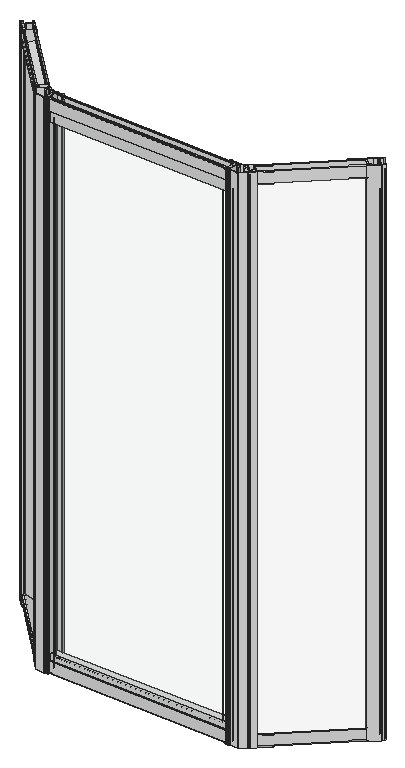
Revit family "Shower-Shower_Door-STERLING-Intrigue-SP2270A", category Specialty Equipment, host Face, Revit 2015 (continued)
Definition of nested family "SP2270A"
  Lines and regions (in)
    Masking region 1
      outline origin (0, 0, 0) x (1, 0, 0) y (0, 1, 0)
        loop
          line (-12.69292, 1.60745) -> (-12.72541, 1.60745) -> (-12.763, 1.63253) -> (-12.71491, 1.63253)
          arc (-12.71491, 1.63253) -> (-12.70027, 1.6386) -> (-12.69421, 1.65323) r 0.0207
          line (-12.69421, 1.65323) -> (-12.69421, 1.68732)
          arc (-12.69421, 1.68732) -> (-12.70013, 1.70161) -> (-12.71443, 1.70753) r 0.02022
          line (-12.71443, 1.70753) -> (-12.9722, 1.70753)
          arc (-12.9722, 1.70753) -> (-13.34922, 1.78253) -> (-13.66884, 1.99609) r 0.9852
          line (-13.66884, 1.99609) -> (-13.84788, 2.17513)
          spline (-13.84788, 2.17513) -> (-13.85171, 2.17715) -> (-13.85709, 2.17723) -> (-13.86364, 2.17536) -> (-13.87093, 2.17167) -> (-13.87846, 2.1664) -> (-13.88571, 2.15993) -> (-13.89219, 2.15268) -> (-13.89745, 2.14515) -> (-13.90114, 2.13786) -> (-13.90302, 2.13131) -> (-13.90294, 2.12593) -> (-13.90091, 2.1221)
          line (-13.90091, 2.1221) -> (-13.88889, 2.07189) -> (-14.34471, 2.52772)
          arc (-14.34471, 2.52772) -> (-14.35955, 2.54116) -> (-14.36517, 2.56037) r 0.03686
          arc (-14.36517, 2.56037) -> (-14.36827, 2.57538) -> (-14.37681, 2.5881) r 0.03974
          arc (-14.37681, 2.5881) -> (-14.39138, 2.59454) -> (-14.40649, 2.58949) r 0.02207
          line (-14.40649, 2.58949) -> (-14.437, 2.55899) -> (-23.01703, 11.13902) -> (-22.98653, 11.16953)
          arc (-22.98653, 11.16953) -> (-22.98148, 11.18464) -> (-22.98792, 11.19921) r 0.02207
          arc (-22.98792, 11.19921) -> (-23.00064, 11.20775) -> (-23.01565, 11.21085) r 0.03974
          arc (-23.01565, 11.21085) -> (-23.03486, 11.21647) -> (-23.04831, 11.23131) r 0.03686
          line (-23.04831, 11.23131) -> (-24.10897, 12.29197)
          arc (-24.10897, 12.29197) -> (-24.14941, 12.29834) -> (-24.1679, 12.2618) r 0.03478
          line (-24.1679, 12.2618) -> (-24.45518, 12.54965)
          arc (-24.45518, 12.54965) -> (-24.46105, 12.56504) -> (-24.45355, 12.57971) r 0.02027
          spline (-24.45355, 12.57971) -> (-24.45099, 12.58322) -> (-24.44955, 12.58745) -> (-24.44934, 12.5921) -> (-24.45037, 12.59686) -> (-24.45257, 12.6014) -> (-24.45579, 12.60541) -> (-24.4598, 12.60863) -> (-24.46434, 12.61083) -> (-24.4691, 12.61185) -> (-24.47375, 12.61164) -> (-24.47797, 12.61021) -> (-24.48149, 12.60765)
          line (-24.48149, 12.60765) -> (-24.51248, 12.57666)
          arc (-24.51248, 12.57666) -> (-24.52097, 12.55616) -> (-24.51248, 12.53567) r 0.02898
          line (-24.51248, 12.53567) -> (-24.1769, 12.20009)
          arc (-24.1769, 12.20009) -> (-24.17062, 12.18493) -> (-24.1769, 12.16977) r 0.02144
          line (-24.1769, 12.16977) -> (-25.12051, 11.22616)
          arc (-25.12051, 11.22616) -> (-25.13755, 11.21911) -> (-25.15458, 11.22616) r 0.02409
          line (-25.15458, 11.22616) -> (-25.41233, 11.48391)
          arc (-25.41233, 11.48391) -> (-25.42006, 11.50258) -> (-25.41233, 11.52124) r 0.0264
          line (-25.41233, 11.52124) -> (-25.29998, 11.63359)
          arc (-25.29998, 11.63359) -> (-25.30409, 11.67241) -> (-25.34119, 11.66026) r 0.0251
          line (-25.34119, 11.66026) -> (-25.4566, 11.54486) -> (-25.4855, 11.57181)
          arc (-25.4855, 11.57181) -> (-25.50181, 11.57807) -> (-25.51789, 11.57124) r 0.02332
          line (-25.51789, 11.57124) -> (-25.54413, 11.545)
    Masking region 2
      outline origin (0, 0, 0) x (1, 0, 0) y (0, 0, 1)
        loop
          line (-25.54413, 0) -> (25.54413, 0) -> (25.54413, 72) -> (-25.54413, 72) -> (-25.54413, 0)
    Masking region 3
      outline origin (0, 0, 0) x (0, 1, 0) y (0, 0, 1)
        loop
          line (12.61341, 72) -> (0, 72) -> (0, 0) -> (12.61341, 0) -> (12.61341, 72)
    symbolic lines, detail levels medium+fine
      curve 1: line (0, 1.81245, 0) -> (0, 1.81245, 72)
      curve 2: line (0, 0.41613, 72) -> (0, 0.41613, 0)
      curve 3: line (0, 1.39628, 72) -> (0, 1.39628, 0)
      curve 4: line (0, 12.19728, 72) -> (0, 12.19728, 0)
      curve 5: line (0, 11.21713, 72) -> (0, 11.21713, 0)
      curve 6: line (0, 10.80096, 0) -> (0, 10.80096, 72)
      curve 7: line (0, 1.81245, 70.8) -> (0, 10.80096, 70.8)
      curve 8: line (0, 10.80096, 70.4375) -> (0, 1.81245, 70.4375)
      curve 9: line (0, 1.81245, 70.92836) -> (0, 10.80096, 70.92836)
      curve 10: line (0, 1.81245, 1.2) -> (0, 10.80096, 1.2)
      curve 11: line (0, 10.80096, 1.5625) -> (0, 1.81245, 1.5625)
      curve 12: line (0, 1.81245, 1.07164) -> (0, 10.80096, 1.07164)
      curve 13: line (-23.8886, 0, 72) -> (-23.8886, 0, 0)
      curve 14: line (-25.18939, 0, 0) -> (-25.18939, 0, 72)
      curve 15: line (-23.8886, 0, 1.56205) -> (-15.55501, 0, 1.56205)
      curve 16: line (-23.8886, 0, 70.4375) -> (-15.55501, 0, 70.4375)
      curve 17: line (-23.8886, 0, 70.8125) -> (-15.55501, 0, 70.8125)
      curve 18: line (-23.8886, 0, 70.9371) -> (-15.55501, 0, 70.9371)
      curve 19: line (-23.8886, 0, 1.5625) -> (-15.55501, 0, 1.5625)
      curve 20: line (-23.8886, 0, 1.1875) -> (-15.55501, 0, 1.1875)
      curve 21: line (-23.8886, 0, 1.0629) -> (-15.55501, 0, 1.0629)
      curve 22: line (-15.55501, 0, 72) -> (-15.55501, 0, 0)
      curve 23: line (-12.37933, 0, 72) -> (-12.37933, 0, 0)
      curve 24: line (-14.90312, 0, 72) -> (-14.90312, 0, 0)
      curve 25: line (-14.12733, 0, 72) -> (-14.12733, 0, 0)
      curve 26: line (-12.933, 0, 0) -> (-12.933, 0, 72)
      curve 27: line (-12.37933, 0, 70.4375) -> (12.37848, 0, 70.4375)
      curve 28: line (-12.37933, 0, 70.8125) -> (12.37848, 0, 70.8125)
      curve 29: line (-12.37933, 0, 70.9371) -> (12.37848, 0, 70.9371)
      curve 30: line (-12.37933, 0, 1.5625) -> (12.37848, 0, 1.5625)
      curve 31: line (-12.37933, 0, 1.1875) -> (12.37848, 0, 1.1875)
      curve 32: line (-12.37933, 0, 1.0629) -> (12.37848, 0, 1.0629)
      curve 33: line (12.37848, 0, 0.00453) -> (12.37848, 0, 72)
      curve 34: line (12.933, 0, 72) -> (12.933, 0, 0)
      curve 35: line (14.12733, 0, 0) -> (14.12733, 0, 72)
      curve 36: line (14.90312, 0, 0) -> (14.90312, 0, 72)
      curve 37: line (15.55501, 0, 0) -> (15.55501, 0, 72)
      curve 38: line (23.8886, 0, 72) -> (23.8886, 0, 0)
      curve 39: line (23.8886, 0, 1.56205) -> (15.55501, 0, 1.56205)
      curve 40: line (23.8886, 0, 70.4375) -> (15.55501, 0, 70.4375)
      curve 41: line (23.8886, 0, 70.8125) -> (15.55501, 0, 70.8125)
      curve 42: line (23.8886, 0, 70.9371) -> (15.55501, 0, 70.9371)
      curve 43: line (23.8886, 0, 1.5625) -> (15.55501, 0, 1.5625)
      curve 44: line (23.8886, 0, 1.1875) -> (15.55501, 0, 1.1875)
      curve 45: line (23.8886, 0, 1.0629) -> (15.55501, 0, 1.0629)
      curve 46: line (-10.62152, 0, 69.6875) -> (11.87848, 0, 69.6875)
      curve 47: line (11.87848, 0, 70.4375) -> (11.87848, 0, 1.5625)
      curve 48: line (-10.62152, 0, 70.4375) -> (-10.62152, 0, 1.5625)
      curve 49: line (-11.56683, 0, 70.4375) -> (-11.56683, 0, 1.5625)
      curve 50: line (-24.24335, 0, 0) -> (-24.24335, 0, 72)
      curve 51: line (25.18939, 0, 0) -> (25.18939, 0, 72)
      curve 52: line (24.24335, 0, 0) -> (24.24335, 0, 72)
      curve 53: line (-10.62152, 0, 2.3125) -> (11.87848, 0, 2.3125)
      curve 54: line (-25.08481, 11.19115, 0) -> (-24.88962, 11.38634, 0)
      curve 55: arc (-24.88962, 11.38634, 0) -> (-24.87506, 11.39352, 0) -> (-24.85913, 11.39035, 0) r 0.02526
      curve 56: line (-24.85913, 11.39035, 0) -> (-24.74538, 11.32468, 0)
      curve 57: line (-24.74644, 11.35543, 0) -> (-24.81868, 11.42766, 0)
      curve 58: arc (-24.81868, 11.42766, 0) -> (-24.82481, 11.44247, 0) -> (-24.81868, 11.45728, 0) r 0.02094
      curve 59: line (-24.81868, 11.45728, 0) -> (-24.14119, 12.13478, 0)
      curve 60: arc (-24.71554, 11.35543, 0) -> (-24.73099, 11.34902, 0) -> (-24.74644, 11.35543, 0) r 0.02186
      curve 61: line (-24.6788, 11.39216, 0) -> (-24.71554, 11.35543, 0)
      curve 62: arc (-24.6633, 11.37911, 0) -> (-24.66394, 11.39408, 0) -> (-24.6788, 11.39216, 0) r 0.01017
      curve 63: line (-24.71354, 11.32887, 0) -> (-24.6633, 11.37911, 0)
      curve 64: arc (-24.74538, 11.32468, 0) -> (-24.72874, 11.32137, 0) -> (-24.71354, 11.32887, 0) r 0.02638
      curve 65: arc (-25.08481, 11.15639, 0) -> (-25.09201, 11.17377, 0) -> (-25.08481, 11.19115, 0) r 0.02458
      curve 66: line (-24.6956, 10.76718, 0) -> (-25.08481, 11.15639, 0)
      curve 67: arc (-24.73096, 10.73183, 0) -> (-24.6956, 10.73183, 0) -> (-24.6956, 10.76718, 0) r 0.025
      curve 68: line (-25.21338, 11.21426, 0) -> (-24.73096, 10.73183, 0)
      curve 69: arc (-24.14119, 12.13478, 0) -> (-24.12638, 12.14091, 0) -> (-24.11158, 12.13478, 0) r 0.02093
      curve 70: line (-24.11158, 12.13478, 0) -> (-24.03803, 12.06123, 0)
      curve 71: arc (-24.03803, 12.06123, 0) -> (-24.03216, 12.04705, 0) -> (-24.03803, 12.03287, 0) r 0.02005
      curve 72: line (-24.03803, 12.03287, 0) -> (-24.07689, 11.99402, 0)
      curve 73: arc (-24.07689, 11.99402, 0) -> (-24.07689, 11.97987, 0) -> (-24.06274, 11.97987, 0) r 0.01
      curve 74: line (-24.06274, 11.97987, 0) -> (-24.02407, 12.01855, 0)
      curve 75: arc (-24.02407, 12.01855, 0) -> (-24.00971, 12.02449, 0) -> (-23.99535, 12.01855, 0) r 0.02031
      curve 76: line (-23.99535, 12.01855, 0) -> (-23.7198, 11.74299, 0)
      curve 77: arc (-23.7198, 11.74299, 0) -> (-23.68444, 11.74299, 0) -> (-23.68444, 11.77835, 0) r 0.025
      curve 78: line (-23.68444, 11.77835, 0) -> (-24.16796, 12.26187, 0)
      curve 79: line (-24.73096, 10.73183, 0) -> (-24.44034, 10.44121, 0)
      curve 80: line (-24.19743, 10.68412, 0) -> (-24.44034, 10.44121, 0)
      curve 81: arc (-24.07514, 10.68412, 0) -> (-24.13628, 10.70945, 0) -> (-24.19743, 10.68412, 0) r 0.08647
      curve 82: line (-23.86405, 10.47303, 0) -> (-24.07514, 10.68412, 0)
      curve 83: line (-24.40155, 10.40222, 0) -> (-24.13628, 10.66748, 0)
      curve 84: line (-24.13628, 10.66748, 0) -> (-23.85344, 10.38464, 0)
      curve 85: line (-23.13926, 11.19781, 0) -> (-23.86405, 10.47303, 0)
      curve 86: line (-24.40155, 10.40222, 0) -> (-24.29939, 10.30006, 0)
      curve 87: line (-24.25881, 10.34063, 0) -> (-24.30282, 10.29662, 0)
      curve 88: line (-24.07813, 10.15995, 0) -> (-24.25881, 10.34063, 0)
      curve 89: line (-24.11871, 10.11937, 0) -> (-23.07248, 11.1656, 0)
      curve 90: arc (-23.13926, 11.23317, 0) -> (-23.13194, 11.21549, 0) -> (-23.13926, 11.19781, 0) r 0.025
      curve 91: line (-23.68444, 11.77835, 0) -> (-23.13926, 11.23317, 0)
      curve 92: arc (-23.07248, 11.1656, 0) -> (-23.05821, 11.17151, 0) -> (-23.04394, 11.1656, 0) r 0.02018
      curve 93: line (-23.04394, 11.1656, 0) -> (-23.0172, 11.13886, 0)
      curve 94: line (-24.11871, 10.11937, 0) -> (-24.06764, 10.06831, 0)
      curve 95: line (-15.15473, 1.75924, 0) -> (-23.81679, 10.42129, 0)
      curve 96: line (-23.8886, 10.34948, 0) -> (-15.22654, 1.68742, 0)
      curve 97: line (-15.32766, 1.5863, 0) -> (-23.98972, 10.24836, 0)
      curve 98: line (-15.39551, 1.51845, 0) -> (-24.05757, 10.18051, 0)
      curve 99: line (-15.41546, 1.4985, 0) -> (-24.07752, 10.16056, 0)
      curve 100: line (-14.71234, 2.20162, 0) -> (-23.3744, 10.86368, 0)
      curve 101: line (-23.30258, 10.9355, 0) -> (-14.64053, 2.27344, 0)
      curve 102: line (-14.53941, 2.37456, 0) -> (-23.20147, 11.03661, 0)
      curve 103: line (-14.47156, 2.4424, 0) -> (-23.13362, 11.10446, 0)
      curve 104: line (-14.45161, 2.46235, 0) -> (-23.11367, 11.12441, 0)
      curve 105: line (-14.41042, 2.50354, 0) -> (-15.41546, 1.4985, 0)
      curve 106: line (-15.23539, 1.31721, 0) -> (-15.41546, 1.4985, 0)
      curve 107: line (-15.27596, 1.27663, 0) -> (-15.23539, 1.31721, 0)
      curve 108: line (-15.1738, 1.17447, 0) -> (-15.27596, 1.27663, 0)
      curve 109: line (-14.90854, 1.43974, 0) -> (-15.1738, 1.17447, 0)
      curve 110: line (-15.19138, 1.72258, 0) -> (-14.90854, 1.43974, 0)
      curve 111: line (-15.10794, 1.70703, 0) -> (-14.37467, 2.4403, 0)
      curve 112: line (-14.88586, 1.48495, 0) -> (-15.10794, 1.70703, 0)
      curve 113: arc (-14.88586, 1.39453, 0) -> (-14.86714, 1.43974, 0) -> (-14.88586, 1.48495, 0) r 0.06393
      curve 114: line (-15.1386, 1.1418, 0) -> (-14.88586, 1.39453, 0)
      curve 115: arc (-15.1386, 1.10411, 0) -> (-15.1464, 1.12296, 0) -> (-15.1386, 1.1418, 0) r 0.02664
      curve 116: line (-15.01553, 0.98105, 0) -> (-15.1386, 1.10411, 0)
      curve 117: arc (-14.37467, 2.4403, 0) -> (-14.357, 2.44762, 0) -> (-14.33932, 2.4403, 0) r 0.025
      curve 118: line (-14.33932, 2.4403, 0) -> (-13.9497, 2.05068, 0)
      curve 119: spline (-13.9497, 2.05068, 0) -> (-13.94577, 2.04815, 0) -> (-13.94071, 2.04718, 0) -> (-13.93486, 2.04785, 0) -> (-13.92863, 2.05012, 0) -> (-13.92244, 2.05381, 0) -> (-13.91671, 2.0587, 0) -> (-13.91182, 2.06443, 0) -> (-13.90813, 2.07062, 0) -> (-13.90586, 2.07685, 0) -> (-13.90519, 2.0827, 0) -> (-13.90616, 2.08776, 0) -> (-13.90869, 2.09169, 0)
      curve 120: arc (-14.41042, 2.53208, 0) -> (-14.40451, 2.51781, 0) -> (-14.41042, 2.50354, 0) r 0.02018
      curve 121: line (-14.437, 2.55899, 0) -> (-14.41026, 2.53225, 0)
      curve 122: arc (-14.97973, 0.98105, 0) -> (-14.99763, 0.97363, 0) -> (-15.01553, 0.98105, 0) r 0.02531
      curve 123: line (-14.93824, 1.02255, 0) -> (-14.97973, 0.98105, 0)
      curve 124: spline (-14.89874, 0.98305, 0) -> (-14.89632, 0.98682, 0) -> (-14.89541, 0.99167, 0) -> (-14.89607, 0.99728, 0) -> (-14.89827, 1.00327, 0) -> (-14.90183, 1.00923, 0) -> (-14.90654, 1.01475, 0) -> (-14.91206, 1.01945, 0) -> (-14.91801, 1.02302, 0) -> (-14.924, 1.02521, 0) -> (-14.92962, 1.02588, 0) -> (-14.93447, 1.02497, 0) -> (-14.93824, 1.02255, 0)
      curve 125: line (-14.95814, 0.92365, 0) -> (-14.89874, 0.98305, 0)
      curve 126: line (-14.90476, 0.87028, 0) -> (-14.95814, 0.92365, 0)
      curve 127: line (-14.93903, 0.91018, 0) -> (-14.87389, 0.84648, 0)
      curve 128: arc (-14.93985, 0.94194, 0) -> (-14.94626, 0.92589, 0) -> (-14.93903, 0.91018, 0) r 0.02191
      curve 129: arc (-14.83086, 0.80705, 0) -> (-14.8182, 0.84734, 0) -> (-14.8355, 0.88587, 0) r 0.05943
      curve 130: line (-14.8355, 0.88587, 0) -> (-14.85992, 0.91029, 0)
      curve 131: arc (-14.85992, 0.91029, 0) -> (-14.86571, 0.92426, 0) -> (-14.85992, 0.93823, 0) r 0.01976
      curve 132: line (-14.85992, 0.93823, 0) -> (-14.1443, 1.65385, 0)
      curve 133: line (-14.86682, 1.00911, 0) -> (-14.93764, 0.93829, 0)
      curve 134: line (-14.8951, 1.0374, 0) -> (-14.86682, 1.00911, 0)
      curve 135: arc (-14.95167, 1.0374, 0) -> (-14.92339, 1.04911, 0) -> (-14.8951, 1.0374, 0) r 0.04
      curve 136: line (-15.00046, 0.98861, 0) -> (-14.95167, 1.0374, 0)
      curve 137: spline (-15.03935, 1.0275, 0) -> (-15.04162, 1.02391, 0) -> (-15.0424, 1.01923, 0) -> (-15.04166, 1.0138, 0) -> (-15.03943, 1.00798, 0) -> (-15.03587, 1.00216, 0) -> (-15.03122, 0.99674, 0) -> (-15.0258, 0.99209, 0) -> (-15.01998, 0.98853, 0) -> (-15.01416, 0.9863, 0) -> (-15.00872, 0.98555, 0) -> (-15.00405, 0.98634, 0) -> (-15.00046, 0.98861, 0)
      curve 138: line (-14.99056, 1.07629, 0) -> (-15.03935, 1.0275, 0)
      curve 139: arc (-14.85621, 1.07629, 0) -> (-14.92339, 1.10411, 0) -> (-14.99056, 1.07629, 0) r 0.095
      curve 140: line (-14.82793, 1.048, 0) -> (-14.85621, 1.07629, 0)
      curve 141: line (-14.1443, 1.73163, 0) -> (-14.82793, 1.048, 0)
      curve 142: line (-14.09451, 0.07071, 0) -> (-14.83086, 0.80705, 0)
      curve 143: arc (-14.02344, 0.04127, 0) -> (-14.0619, 0.04892, 0) -> (-14.09451, 0.07071, 0) r 0.10051
      curve 144: line (-13.00999, 0.04127, 0) -> (-14.02344, 0.04127, 0)
      curve 145: line (-14.1443, 1.65385, 0) -> (-13.93766, 1.44721, 0)
      curve 146: line (-13.88514, 1.47248, 0) -> (-14.1443, 1.73163, 0)
      curve 147: arc (-13.93766, 1.44721, 0) -> (-13.88514, 1.42546, 0) -> (-13.83263, 1.44721, 0) r 0.07427
      curve 148: line (-13.83263, 1.44721, 0) -> (-13.7409, 1.53894, 0)
      curve 149: line (-13.76567, 1.59195, 0) -> (-13.88514, 1.47248, 0)
      curve 150: line (-14.03589, 1.86218, 0) -> (-13.76567, 1.59195, 0)
      curve 151: arc (-13.7409, 1.53894, 0) -> (-13.71975, 1.59, 0) -> (-13.7409, 1.64106, 0) r 0.07221
      curve 152: line (-13.7409, 1.64106, 0) -> (-13.97638, 1.87654, 0)
      curve 153: line (-14.02006, 1.94072, 0) -> (-14.03589, 1.86218, 0)
      curve 154: line (-13.88889, 2.07189, 0) -> (-14.02006, 1.94072, 0)
      curve 155: line (-13.97638, 1.87654, 0) -> (-13.96537, 1.91763, 0)
      curve 156: line (-13.96537, 1.91763, 0) -> (-13.81677, 2.06624, 0)
      curve 157: line (-13.81677, 2.06624, 0) -> (-13.70773, 1.9572, 0)
      curve 158: arc (-13.70773, 1.9572, 0) -> (-13.37027, 1.73171, 0) -> (-12.9722, 1.65253, 0) r 1.0402
      curve 159: line (-12.9722, 1.65253, 0) -> (-12.818, 1.65253, 0)
      curve 160: line (-12.818, 1.65253, 0) -> (-12.818, 1.52353, 0)
      curve 161: arc (-12.818, 1.52353, 0) -> (-12.812, 1.49497, 0) -> (-12.79501, 1.47123, 0) r 0.071
      curve 162: line (-12.79501, 1.47123, 0) -> (-12.83867, 1.40553, 0)
      curve 163: line (-12.83867, 1.40553, 0) -> (-13.17203, 1.40553, 0)
      curve 164: line (-12.83867, 1.40553, 0) -> (-13.17203, 1.40553, 0)
      curve 165: arc (-13.17203, 1.40553, 0) -> (-13.22328, 1.38431, 0) -> (-13.2445, 1.33307, 0) r 0.07247
      curve 166: line (-13.2445, 1.33307, 0) -> (-13.2445, 1.1984, 0)
      curve 167: arc (-13.2445, 1.1984, 0) -> (-13.22427, 1.14956, 0) -> (-13.17543, 1.12933, 0) r 0.06907
      curve 168: line (-13.17543, 1.12933, 0) -> (-12.878, 1.12933, 0)
      curve 169: line (-12.823, 1.18433, 0) -> (-13.16729, 1.18433, 0)
      curve 170: arc (-13.16729, 1.18433, 0) -> (-13.18299, 1.19084, 0) -> (-13.1895, 1.20655, 0) r 0.02221
      curve 171: line (-13.1895, 1.20655, 0) -> (-13.1895, 1.32938, 0)
      curve 172: arc (-13.1895, 1.32938, 0) -> (-13.18331, 1.34434, 0) -> (-13.16835, 1.35053, 0) r 0.02115
      curve 173: line (-13.16835, 1.35053, 0) -> (-12.80918, 1.35053, 0)
      curve 174: line (-12.80918, 1.35053, 0) -> (-12.72136, 1.4827, 0)
      curve 175: arc (-12.72136, 1.4827, 0) -> (-12.72204, 1.50189, 0) -> (-12.74043, 1.50741, 0) r 0.01648
      curve 176: arc (-12.74043, 1.50741, 0) -> (-12.75586, 1.50966, 0) -> (-12.763, 1.52353, 0) r 0.01704
      curve 177: line (-12.763, 1.52353, 0) -> (-12.763, 1.63253, 0)
      curve 178: spline (-12.72541, 1.60745, 0) -> (-12.7271, 1.60643, 0) -> (-12.72868, 1.60343, 0) -> (-12.73003, 1.59867, 0) -> (-12.73106, 1.59245, 0) -> (-12.73172, 1.58522, 0) -> (-12.73194, 1.57745, 0) -> (-12.73172, 1.56969, 0) -> (-12.73106, 1.56245, 0) -> (-12.73003, 1.55624, 0) -> (-12.72868, 1.55147, 0) -> (-12.7271, 1.54847, 0) -> (-12.72541, 1.54745, 0)
      curve 179: line (-12.72541, 1.54745, 0) -> (-12.65064, 1.54745, 0)
      curve 180: arc (-12.65064, 1.54745, 0) -> (-12.61802, 1.5544, 0) -> (-12.59107, 1.57404, 0) r 0.08001
      curve 181: arc (-12.98413, 0.05902, 0) -> (-12.99431, 0.04613, 0) -> (-13.00999, 0.04127, 0) r 0.02772
      curve 182: arc (-12.928, 0.09753, 0) -> (-12.96204, 0.08698, 0) -> (-12.98413, 0.05902, 0) r 0.06015
      curve 183: line (-12.878, 0.09753, 0) -> (-12.928, 0.09753, 0)
      curve 184: line (-12.878, 1.12933, 0) -> (-12.878, 0.09753, 0)
      curve 185: line (-12.91213, 0.04253, 0) -> (-12.8096, 0.04253, 0)
      curve 186: arc (-12.84371, 0.04253, 0) -> (-12.82907, 0.0486, 0) -> (-12.823, 0.06325, 0) r 0.02071
      curve 187: line (-12.823, 0.06325, 0) -> (-12.823, 0.16253, 0)
      curve 188: line (-12.823, 0.16253, 0) -> (-12.783, 0.16253, 0)
      curve 189: arc (-12.783, 0.16253, 0) -> (-12.75466, 0.15017, 0) -> (-12.743, 0.12153, 0) r 0.04101
      curve 190: line (-12.803, 0.12153, 0) -> (-12.803, 0.05733, 0)
      curve 191: arc (-12.803, 0.05733, 0) -> (-12.80473, 0.04923, 0) -> (-12.8096, 0.04253, 0) r 0.01988
      curve 192: line (-12.74984, 0.12153, 0) -> (-12.74984, 0.06034, 0)
      curve 193: line (-12.54334, 0.03745, 0) -> (-12.72695, 0.03745, 0)
      curve 194: spline (-12.803, 0.12153, 0) -> (-12.80209, 0.1256, 0) -> (-12.79944, 0.12938, 0) -> (-12.79521, 0.13264, 0) -> (-12.78971, 0.13513, 0) -> (-12.7833, 0.1367, 0) -> (-12.77642, 0.13723, 0) -> (-12.76954, 0.1367, 0) -> (-12.76313, 0.13513, 0) -> (-12.75762, 0.13264, 0) -> (-12.7534, 0.12938, 0) -> (-12.75074, 0.1256, 0) -> (-12.74984, 0.12153, 0)
      curve 195: arc (-12.74984, 0.06034, 0) -> (-12.74313, 0.04416, 0) -> (-12.72695, 0.03745, 0) r 0.02289
      curve 196: arc (-12.523, 0.05779, 0) -> (-12.52896, 0.04341, 0) -> (-12.54334, 0.03745, 0) r 0.02034
      curve 197: line (-12.523, 0.92666, 0) -> (-12.523, 0.05779, 0)
      curve 198: line (-12.743, 0.12153, 0) -> (-12.743, 0.06481, 0)
      curve 199: arc (-12.743, 0.06481, 0) -> (-12.7155, 0.03731, 0) -> (-12.688, 0.06481, 0) r 0.0275
      curve 200: line (-12.688, 0.06481, 0) -> (-12.688, 0.12253, 0)
      curve 201: arc (-12.688, 0.12253, 0) -> (-12.71582, 0.18971, 0) -> (-12.783, 0.21753, 0) r 0.095
      curve 202: line (-12.783, 0.21753, 0) -> (-12.823, 0.21753, 0)
      curve 203: line (-12.823, 0.21753, 0) -> (-12.823, 1.18433, 0)
      curve 204: arc (-12.59107, 1.57404, 0) -> (-12.54782, 1.58434, 0) -> (-12.523, 1.54745, 0) r 0.03902
      curve 205: line (-12.523, 1.54745, 0) -> (-12.523, 1.01763, 0)
      curve 206: arc (-12.523, 1.01763, 0) -> (-12.52891, 1.00336, 0) -> (-12.54318, 0.99745, 0) r 0.02018
      curve 207: line (-12.54318, 0.99745, 0) -> (-12.663, 0.99745, 0)
      curve 208: arc (-12.663, 0.99745, 0) -> (-12.688, 0.97245, 0) -> (-12.663, 0.94745, 0) r 0.025
      curve 209: line (-12.663, 0.94745, 0) -> (-12.54379, 0.94745, 0)
      curve 210: arc (-12.54379, 0.94745, 0) -> (-12.52909, 0.94136, 0) -> (-12.523, 0.92666, 0) r 0.02079
      curve 211: line (-12.453, 0.13672, 0) -> (-12.453, 1.63668, 0)
      curve 212: line (-12.453, 0.13672, 0) -> (-12.37933, 0.13672, 0)
      curve 213: line (-12.43223, 1.65745, 0) -> (-11.85507, 1.65745, 0)
      curve 214: arc (-11.85507, 1.65745, 0) -> (-11.83489, 1.67589, 0) -> (-11.85142, 1.69765, 0) r 0.02026
      curve 215: line (-11.85142, 1.69765, 0) -> (-11.88678, 1.69765, 0)
      curve 216: line (-11.88678, 1.69765, 0) -> (-11.88678, 1.75245, 0)
      curve 217: line (-11.88678, 1.75245, 0) -> (-11.71737, 1.75245, 0)
      curve 218: line (-11.71737, 1.75245, 0) -> (-11.71737, 1.69592, 0)
      curve 219: line (-11.71737, 1.69592, 0) -> (-11.76679, 1.69592, 0)
      curve 220: arc (-11.76679, 1.69592, 0) -> (-11.77762, 1.67315, 0) -> (-11.75788, 1.65745, 0) r 0.02026
      curve 221: arc (-12.453, 1.63668, 0) -> (-12.44692, 1.65137, 0) -> (-12.43223, 1.65745, 0) r 0.02077
      curve 222: line (12.453, 0.57318, 0) -> (-12.453, 0.57318, 0)
      curve 223: line (-12.453, 0.44818, 0) -> (12.453, 0.44818, 0)
      curve 224: line (12.453, 0.20395, 0) -> (-12.453, 0.20395, 0)
      curve 225: line (-12.453, 1.57335, 0) -> (12.453, 1.57335, 0)
      curve 226: line (12.453, 1.45838, 0) -> (-12.453, 1.45838, 0)
      curve 227: line (25.08481, 11.19115, 0) -> (24.88962, 11.38634, 0)
      curve 228: arc (24.88962, 11.38634, 0) -> (24.87506, 11.39352, 0) -> (24.85913, 11.39035, 0) r 0.02526
      curve 229: line (24.85913, 11.39035, 0) -> (24.74538, 11.32468, 0)
      curve 230: line (24.74644, 11.35543, 0) -> (24.81868, 11.42766, 0)
      curve 231: arc (24.81868, 11.42766, 0) -> (24.82481, 11.44247, 0) -> (24.81868, 11.45728, 0) r 0.02094
      curve 232: line (24.81868, 11.45728, 0) -> (24.14119, 12.13478, 0)
      curve 233: arc (24.71554, 11.35543, 0) -> (24.73099, 11.34902, 0) -> (24.74644, 11.35543, 0) r 0.02186
      curve 234: line (24.6788, 11.39216, 0) -> (24.71554, 11.35543, 0)
      curve 235: arc (24.6633, 11.37911, 0) -> (24.66394, 11.39408, 0) -> (24.6788, 11.39216, 0) r 0.01017
      curve 236: line (24.71354, 11.32887, 0) -> (24.6633, 11.37911, 0)
      curve 237: arc (24.74538, 11.32468, 0) -> (24.72874, 11.32137, 0) -> (24.71354, 11.32887, 0) r 0.02638
      curve 238: arc (25.08481, 11.15639, 0) -> (25.09201, 11.17377, 0) -> (25.08481, 11.19115, 0) r 0.02458
      curve 239: line (24.6956, 10.76718, 0) -> (25.08481, 11.15639, 0)
      curve 240: arc (24.73096, 10.73183, 0) -> (24.6956, 10.73183, 0) -> (24.6956, 10.76718, 0) r 0.025
      curve 241: line (25.21338, 11.21426, 0) -> (24.73096, 10.73183, 0)
      curve 242: arc (24.14119, 12.13478, 0) -> (24.12638, 12.14091, 0) -> (24.11158, 12.13478, 0) r 0.02093
      curve 243: line (24.11158, 12.13478, 0) -> (24.03803, 12.06123, 0)
      curve 244: arc (24.03803, 12.06123, 0) -> (24.03216, 12.04705, 0) -> (24.03803, 12.03287, 0) r 0.02005
      curve 245: line (24.03803, 12.03287, 0) -> (24.07689, 11.99402, 0)
      curve 246: arc (24.07689, 11.99402, 0) -> (24.07689, 11.97987, 0) -> (24.06274, 11.97987, 0) r 0.01
      curve 247: line (24.06274, 11.97987, 0) -> (24.02407, 12.01855, 0)
      curve 248: arc (24.02407, 12.01855, 0) -> (24.00971, 12.02449, 0) -> (23.99535, 12.01855, 0) r 0.02031
      curve 249: line (23.99535, 12.01855, 0) -> (23.7198, 11.74299, 0)
      curve 250: arc (23.7198, 11.74299, 0) -> (23.68444, 11.74299, 0) -> (23.68444, 11.77835, 0) r 0.025
      curve 251: line (23.68444, 11.77835, 0) -> (24.16796, 12.26187, 0)
      curve 252: line (24.73096, 10.73183, 0) -> (24.44034, 10.44121, 0)
      curve 253: line (24.19743, 10.68412, 0) -> (24.44034, 10.44121, 0)
      curve 254: arc (24.07514, 10.68412, 0) -> (24.13628, 10.70945, 0) -> (24.19743, 10.68412, 0) r 0.08647
      curve 255: line (23.86405, 10.47303, 0) -> (24.07514, 10.68412, 0)
      curve 256: line (24.40155, 10.40222, 0) -> (24.13628, 10.66748, 0)
      curve 257: line (24.13628, 10.66748, 0) -> (23.85344, 10.38464, 0)
      curve 258: line (23.13926, 11.19781, 0) -> (23.86405, 10.47303, 0)
      curve 259: line (24.40155, 10.40222, 0) -> (24.29939, 10.30006, 0)
      curve 260: line (24.25881, 10.34063, 0) -> (24.30282, 10.29662, 0)
      curve 261: line (24.07813, 10.15995, 0) -> (24.25881, 10.34063, 0)
      curve 262: line (24.11871, 10.11937, 0) -> (23.07248, 11.1656, 0)
      curve 263: arc (23.13926, 11.23317, 0) -> (23.13194, 11.21549, 0) -> (23.13926, 11.19781, 0) r 0.025
      curve 264: line (23.68444, 11.77835, 0) -> (23.13926, 11.23317, 0)
      curve 265: arc (23.07248, 11.1656, 0) -> (23.05821, 11.17151, 0) -> (23.04394, 11.1656, 0) r 0.02018
      curve 266: line (23.04394, 11.1656, 0) -> (23.0172, 11.13886, 0)
      curve 267: line (24.11871, 10.11937, 0) -> (24.06764, 10.06831, 0)
      curve 268: line (15.15473, 1.75924, 0) -> (23.81679, 10.42129, 0)
      curve 269: line (23.8886, 10.34948, 0) -> (15.22654, 1.68742, 0)
      curve 270: line (15.32766, 1.5863, 0) -> (23.98972, 10.24836, 0)
      curve 271: line (15.39551, 1.51845, 0) -> (24.05757, 10.18051, 0)
      curve 272: line (15.41546, 1.4985, 0) -> (24.07752, 10.16056, 0)
      curve 273: line (14.71234, 2.20162, 0) -> (23.3744, 10.86368, 0)
      curve 274: line (23.30258, 10.9355, 0) -> (14.64053, 2.27344, 0)
      curve 275: line (14.53941, 2.37456, 0) -> (23.20147, 11.03661, 0)
      curve 276: line (14.47156, 2.4424, 0) -> (23.13362, 11.10446, 0)
      curve 277: line (14.45161, 2.46235, 0) -> (23.11367, 11.12441, 0)
      curve 278: line (14.41042, 2.50354, 0) -> (15.41546, 1.4985, 0)
      curve 279: line (15.23539, 1.31721, 0) -> (15.41546, 1.4985, 0)
      curve 280: line (15.2794, 1.2732, 0) -> (15.23539, 1.31721, 0)
      curve 281: line (15.17724, 1.17104, 0) -> (15.2794, 1.2732, 0)
      curve 282: line (14.90854, 1.43974, 0) -> (15.17724, 1.17104, 0)
      curve 283: line (15.19138, 1.72258, 0) -> (14.90854, 1.43974, 0)
      curve 284: line (15.10794, 1.70703, 0) -> (14.37467, 2.4403, 0)
      curve 285: line (14.88586, 1.48495, 0) -> (15.10794, 1.70703, 0)
      curve 286: arc (14.88586, 1.39453, 0) -> (14.86714, 1.43974, 0) -> (14.88586, 1.48495, 0) r 0.06393
      curve 287: line (15.1386, 1.1418, 0) -> (14.88586, 1.39453, 0)
      curve 288: arc (15.1386, 1.10411, 0) -> (15.1464, 1.12296, 0) -> (15.1386, 1.1418, 0) r 0.02664
      curve 289: line (15.01553, 0.98105, 0) -> (15.1386, 1.10411, 0)
      curve 290: arc (14.37467, 2.4403, 0) -> (14.357, 2.44762, 0) -> (14.33932, 2.4403, 0) r 0.025
      curve 291: line (14.33932, 2.4403, 0) -> (13.9497, 2.05068, 0)
      curve 292: spline (13.9497, 2.05068, 0) -> (13.94577, 2.04815, 0) -> (13.94071, 2.04718, 0) -> (13.93486, 2.04785, 0) -> (13.92863, 2.05012, 0) -> (13.92244, 2.05381, 0) -> (13.91671, 2.0587, 0) -> (13.91182, 2.06443, 0) -> (13.90813, 2.07062, 0) -> (13.90586, 2.07685, 0) -> (13.90519, 2.0827, 0) -> (13.90616, 2.08776, 0) -> (13.90869, 2.09169, 0)
      curve 293: arc (14.41042, 2.53208, 0) -> (14.40451, 2.51781, 0) -> (14.41042, 2.50354, 0) r 0.02018
      curve 294: line (14.437, 2.55899, 0) -> (14.41026, 2.53225, 0)
      curve 295: arc (14.97973, 0.98105, 0) -> (14.99763, 0.97363, 0) -> (15.01553, 0.98105, 0) r 0.02531
      curve 296: line (14.93824, 1.02255, 0) -> (14.97973, 0.98105, 0)
      curve 297: spline (14.89874, 0.98305, 0) -> (14.89632, 0.98682, 0) -> (14.89541, 0.99167, 0) -> (14.89607, 0.99728, 0) -> (14.89827, 1.00327, 0) -> (14.90183, 1.00923, 0) -> (14.90654, 1.01475, 0) -> (14.91206, 1.01945, 0) -> (14.91801, 1.02302, 0) -> (14.924, 1.02521, 0) -> (14.92962, 1.02588, 0) -> (14.93447, 1.02497, 0) -> (14.93824, 1.02255, 0)
      curve 298: line (14.95814, 0.92365, 0) -> (14.89874, 0.98305, 0)
      curve 299: line (14.90476, 0.87028, 0) -> (14.95814, 0.92365, 0)
      curve 300: line (14.93903, 0.91018, 0) -> (14.87389, 0.84648, 0)
      curve 301: arc (14.93985, 0.94194, 0) -> (14.94626, 0.92589, 0) -> (14.93903, 0.91018, 0) r 0.02191
      curve 302: arc (14.83086, 0.80705, 0) -> (14.8182, 0.84734, 0) -> (14.8355, 0.88587, 0) r 0.05943
      curve 303: line (14.8355, 0.88587, 0) -> (14.85992, 0.91029, 0)
      curve 304: arc (14.85992, 0.91029, 0) -> (14.86571, 0.92426, 0) -> (14.85992, 0.93823, 0) r 0.01976
      curve 305: line (14.85992, 0.93823, 0) -> (14.1443, 1.65385, 0)
      curve 306: line (14.86682, 1.00911, 0) -> (14.93764, 0.93829, 0)
      curve 307: line (14.8951, 1.0374, 0) -> (14.86682, 1.00911, 0)
      curve 308: arc (14.95167, 1.0374, 0) -> (14.92339, 1.04911, 0) -> (14.8951, 1.0374, 0) r 0.04
      curve 309: line (15.00046, 0.98861, 0) -> (14.95167, 1.0374, 0)
      curve 310: spline (15.03935, 1.0275, 0) -> (15.04162, 1.02391, 0) -> (15.0424, 1.01923, 0) -> (15.04166, 1.0138, 0) -> (15.03943, 1.00798, 0) -> (15.03587, 1.00216, 0) -> (15.03122, 0.99674, 0) -> (15.0258, 0.99209, 0) -> (15.01998, 0.98853, 0) -> (15.01416, 0.9863, 0) -> (15.00872, 0.98555, 0) -> (15.00405, 0.98634, 0) -> (15.00046, 0.98861, 0)
      curve 311: line (14.99056, 1.07629, 0) -> (15.03935, 1.0275, 0)
      curve 312: arc (14.85621, 1.07629, 0) -> (14.92339, 1.10411, 0) -> (14.99056, 1.07629, 0) r 0.095
      curve 313: line (14.82793, 1.048, 0) -> (14.85621, 1.07629, 0)
      curve 314: line (14.1443, 1.73163, 0) -> (14.82793, 1.048, 0)
      curve 315: line (14.09451, 0.07071, 0) -> (14.83086, 0.80705, 0)
      curve 316: arc (14.02344, 0.04127, 0) -> (14.0619, 0.04892, 0) -> (14.09451, 0.07071, 0) r 0.10051
      curve 317: line (13.00999, 0.04127, 0) -> (14.02344, 0.04127, 0)
      curve 318: line (14.1443, 1.65385, 0) -> (13.93766, 1.44721, 0)
      curve 319: line (13.88514, 1.47248, 0) -> (14.1443, 1.73163, 0)
      curve 320: arc (13.93766, 1.44721, 0) -> (13.88514, 1.42546, 0) -> (13.83263, 1.44721, 0) r 0.07427
      curve 321: line (13.83263, 1.44721, 0) -> (13.7409, 1.53894, 0)
      curve 322: line (13.76567, 1.59195, 0) -> (13.88514, 1.47248, 0)
      curve 323: line (14.03589, 1.86218, 0) -> (13.76567, 1.59195, 0)
      curve 324: arc (13.7409, 1.53894, 0) -> (13.71975, 1.59, 0) -> (13.7409, 1.64106, 0) r 0.07221
      curve 325: line (13.7409, 1.64106, 0) -> (13.97638, 1.87654, 0)
      curve 326: line (14.02006, 1.94072, 0) -> (14.03589, 1.86218, 0)
      curve 327: line (13.88889, 2.07189, 0) -> (14.02006, 1.94072, 0)
      curve 328: line (13.97638, 1.87654, 0) -> (13.96537, 1.91763, 0)
      curve 329: line (13.96537, 1.91763, 0) -> (13.81677, 2.06624, 0)
      curve 330: line (13.81677, 2.06624, 0) -> (13.70773, 1.9572, 0)
      curve 331: arc (13.70773, 1.9572, 0) -> (13.37027, 1.73171, 0) -> (12.9722, 1.65253, 0) r 1.0402
      curve 332: line (12.9722, 1.65253, 0) -> (12.818, 1.65253, 0)
      curve 333: line (12.818, 1.65253, 0) -> (12.818, 1.52353, 0)
      curve 334: arc (12.818, 1.52353, 0) -> (12.812, 1.49497, 0) -> (12.79501, 1.47123, 0) r 0.071
      curve 335: line (12.79501, 1.47123, 0) -> (12.83867, 1.40553, 0)
      curve 336: line (12.83867, 1.40553, 0) -> (13.17203, 1.40553, 0)
      curve 337: line (12.83867, 1.40553, 0) -> (13.17203, 1.40553, 0)
      curve 338: arc (13.17203, 1.40553, 0) -> (13.22328, 1.38431, 0) -> (13.2445, 1.33307, 0) r 0.07247
      curve 339: line (13.2445, 1.33307, 0) -> (13.2445, 1.1984, 0)
      curve 340: arc (13.2445, 1.1984, 0) -> (13.22427, 1.14956, 0) -> (13.17543, 1.12933, 0) r 0.06907
      curve 341: line (13.17543, 1.12933, 0) -> (12.878, 1.12933, 0)
      curve 342: line (12.823, 1.18433, 0) -> (13.16729, 1.18433, 0)
      curve 343: arc (13.16729, 1.18433, 0) -> (13.18299, 1.19084, 0) -> (13.1895, 1.20655, 0) r 0.02221
      curve 344: line (13.1895, 1.20655, 0) -> (13.1895, 1.32938, 0)
      curve 345: arc (13.1895, 1.32938, 0) -> (13.18331, 1.34434, 0) -> (13.16835, 1.35053, 0) r 0.02115
      curve 346: line (13.16835, 1.35053, 0) -> (12.80918, 1.35053, 0)
      curve 347: line (12.80918, 1.35053, 0) -> (12.72136, 1.4827, 0)
      curve 348: arc (12.72136, 1.4827, 0) -> (12.72204, 1.50189, 0) -> (12.74043, 1.50741, 0) r 0.01648
      curve 349: arc (12.74043, 1.50741, 0) -> (12.75586, 1.50966, 0) -> (12.763, 1.52353, 0) r 0.01704
      curve 350: line (12.763, 1.52353, 0) -> (12.763, 1.63253, 0)
      curve 351: spline (12.72541, 1.60745, 0) -> (12.7271, 1.60643, 0) -> (12.72868, 1.60343, 0) -> (12.73003, 1.59867, 0) -> (12.73106, 1.59245, 0) -> (12.73172, 1.58522, 0) -> (12.73194, 1.57745, 0) -> (12.73172, 1.56969, 0) -> (12.73106, 1.56245, 0) -> (12.73003, 1.55624, 0) -> (12.72868, 1.55147, 0) -> (12.7271, 1.54847, 0) -> (12.72541, 1.54745, 0)
      curve 352: line (12.72541, 1.54745, 0) -> (12.65064, 1.54745, 0)
      curve 353: arc (12.65064, 1.54745, 0) -> (12.61802, 1.5544, 0) -> (12.59107, 1.57404, 0) r 0.08001
      curve 354: arc (12.98413, 0.05902, 0) -> (12.99431, 0.04613, 0) -> (13.00999, 0.04127, 0) r 0.02772
      curve 355: arc (12.928, 0.09753, 0) -> (12.96204, 0.08698, 0) -> (12.98413, 0.05902, 0) r 0.06015
      curve 356: line (12.878, 0.09753, 0) -> (12.928, 0.09753, 0)
      curve 357: line (12.878, 1.12933, 0) -> (12.878, 0.09753, 0)
      curve 358: line (12.91213, 0.04253, 0) -> (12.8096, 0.04253, 0)
      curve 359: arc (12.84371, 0.04253, 0) -> (12.82907, 0.0486, 0) -> (12.823, 0.06325, 0) r 0.02071
      curve 360: line (12.823, 0.06325, 0) -> (12.823, 0.16253, 0)
      curve 361: line (12.823, 0.16253, 0) -> (12.783, 0.16253, 0)
      curve 362: arc (12.783, 0.16253, 0) -> (12.75466, 0.15017, 0) -> (12.743, 0.12153, 0) r 0.04101
      curve 363: line (12.803, 0.12153, 0) -> (12.803, 0.05733, 0)
      curve 364: arc (12.803, 0.05733, 0) -> (12.80473, 0.04923, 0) -> (12.8096, 0.04253, 0) r 0.01988
      curve 365: line (12.74984, 0.12153, 0) -> (12.74984, 0.06034, 0)
      curve 366: line (12.54334, 0.03745, 0) -> (12.72695, 0.03745, 0)
      curve 367: spline (12.803, 0.12153, 0) -> (12.80209, 0.1256, 0) -> (12.79944, 0.12938, 0) -> (12.79521, 0.13264, 0) -> (12.78971, 0.13513, 0) -> (12.7833, 0.1367, 0) -> (12.77642, 0.13723, 0) -> (12.76954, 0.1367, 0) -> (12.76313, 0.13513, 0) -> (12.75762, 0.13264, 0) -> (12.7534, 0.12938, 0) -> (12.75074, 0.1256, 0) -> (12.74984, 0.12153, 0)
      curve 368: arc (12.74984, 0.06034, 0) -> (12.74313, 0.04416, 0) -> (12.72695, 0.03745, 0) r 0.02289
      curve 369: arc (12.523, 0.05779, 0) -> (12.52896, 0.04341, 0) -> (12.54334, 0.03745, 0) r 0.02034
      curve 370: line (12.523, 0.92666, 0) -> (12.523, 0.05779, 0)
      curve 371: line (12.743, 0.12153, 0) -> (12.743, 0.06481, 0)
      curve 372: arc (12.743, 0.06481, 0) -> (12.7155, 0.03731, 0) -> (12.688, 0.06481, 0) r 0.0275
      curve 373: line (12.688, 0.06481, 0) -> (12.688, 0.12253, 0)
      curve 374: arc (12.688, 0.12253, 0) -> (12.71582, 0.18971, 0) -> (12.783, 0.21753, 0) r 0.095
      curve 375: line (12.783, 0.21753, 0) -> (12.823, 0.21753, 0)
      curve 376: line (12.823, 0.21753, 0) -> (12.823, 1.18433, 0)
      curve 377: arc (12.59107, 1.57404, 0) -> (12.54782, 1.58434, 0) -> (12.523, 1.54745, 0) r 0.03902
      curve 378: line (12.523, 1.54745, 0) -> (12.523, 1.01763, 0)
      curve 379: arc (12.523, 1.01763, 0) -> (12.52891, 1.00336, 0) -> (12.54318, 0.99745, 0) r 0.02018
      curve 380: line (12.54318, 0.99745, 0) -> (12.663, 0.99745, 0)
      curve 381: arc (12.663, 0.99745, 0) -> (12.688, 0.97245, 0) -> (12.663, 0.94745, 0) r 0.025
      curve 382: line (12.663, 0.94745, 0) -> (12.54379, 0.94745, 0)
      curve 383: arc (12.54379, 0.94745, 0) -> (12.52909, 0.94136, 0) -> (12.523, 0.92666, 0) r 0.02079
      curve 384: line (12.453, 0.13672, 0) -> (12.453, 1.63668, 0)
      curve 385: line (12.453, 0.13672, 0) -> (12.37933, 0.13672, 0)
      curve 386: line (12.43223, 1.65745, 0) -> (11.85507, 1.65745, 0)
      curve 387: arc (11.85507, 1.65745, 0) -> (11.83489, 1.67589, 0) -> (11.85142, 1.69765, 0) r 0.02026
      curve 388: line (11.85142, 1.69765, 0) -> (11.88678, 1.69765, 0)
      curve 389: line (11.88678, 1.69765, 0) -> (11.88678, 1.75245, 0)
      curve 390: line (11.88678, 1.75245, 0) -> (11.71737, 1.75245, 0)
      curve 391: line (11.71737, 1.75245, 0) -> (11.71737, 1.69592, 0)
      curve 392: line (11.71737, 1.69592, 0) -> (11.76679, 1.69592, 0)
      curve 393: arc (11.76679, 1.69592, 0) -> (11.77762, 1.67315, 0) -> (11.75788, 1.65745, 0) r 0.02026
      curve 394: arc (12.453, 1.63668, 0) -> (12.44692, 1.65137, 0) -> (12.43223, 1.65745, 0) r 0.02077
  Dimensions and locks (in)
    plane 4 to plane 2 = 72"  (x2)
    plane 4 to plane 7 = 1 9/16"
    plane 7 to plane 8 = 68 7/8"
    equal spacing: plane 5, plane 3 "Center (Left/Right)", plane 6
    plane 5 to plane 6 = 27 9/16"
    locked: plane 1 "Center (Front/Back)" to plane 11 at 1.81245
    plane 12 to plane 9 "A" = 36 1/8"
    plane 13 to plane 14 "B" = 36 1/8"
    locked: plane 15 to plane 14 "B" at 15.8125
    plane 16 to plane 9 "A" = 15 13/16"
    locked: plane 17 to plane 12 at 1.5
    plane 1 "Center (Front/Back)" to plane 11 = 1.81245"  (x2)
    plane 8 to level = 1 9/16"
    plane 8 to plane 7 = 68 7/8"
    Extrusion 14 sketch curve to Extrusion 14 sketch curve = 1/8"
    aligned and locked: plane 2 to level
  Automatic sketch dimensions
    Extrusion 1 sketch curve to plane 7 = 0"
    plane 4 to Extrusion 1 sketch curve = 0"  (x2)
    Extrusion 1 sketch curve to plane 1 "Center (Front/Back)" = 35/256"  (x2)
    Extrusion 1 sketch curve to plane 8 = 0.00063"
    Extrusion 1 sketch curve to Extrusion 1 sketch curve = 0.06723"  (x4)
    level to Extrusion 1 sketch curve = 0.00453"  (x2)
    Extrusion 1 sketch curve to Extrusion 1 sketch curve = 0.02161"  (x2)
    Extrusion 1 sketch curve to Extrusion 1 sketch curve = 0.02173"
    Extrusion 1 sketch curve to Extrusion 1 sketch curve = 0.00012"
    Extrusion 1 sketch curve to Extrusion 1 sketch curve = 0.06974"
    Extrusion 1 sketch curve to Extrusion 1 sketch curve = 0.06987"
    plane 7 to Extrusion 1 sketch curve = 0.07"
    plane 10 to Extrusion 1 sketch curve = 0.21555"  (x2)
    plane 8 to Extrusion 1 sketch curve = 0.06937"
    Extrusion 1 sketch curve to Extrusion 1 sketch curve = 0.0332"  (x2)
    plane 8 to Extrusion 1 sketch curve = 0.11229"
    Extrusion 1 sketch curve to Extrusion 1 sketch curve = 0.14316"  (x2)
    plane 7 to Extrusion 1 sketch curve = 0.11292"
    plane 8 to Extrusion 1 sketch curve = 0.03558"
    Extrusion 1 sketch curve to Extrusion 1 sketch curve = 0.01079"  (x2)
    plane 7 to Extrusion 1 sketch curve = 0.0362"
    plane 11 to Extrusion 1 sketch curve = 0.33058"  (x2)
    plane 4 to Extrusion 1 sketch curve = 0.025"
    plane 11 to Extrusion 1 sketch curve = 0.3147"  (x2)
    Extrusion 1 sketch curve to Extrusion 1 sketch curve = 0.04159"  (x2)
    Extrusion 1 sketch curve to Extrusion 1 sketch curve = 0.01149"  (x2)
    Extrusion 1 sketch curve to Extrusion 1 sketch curve = 0.06927"  (x2)
    Extrusion 1 sketch curve to Extrusion 1 sketch curve = 0.0006"  (x2)
    Extrusion 1 sketch curve to Extrusion 1 sketch curve = 0.02252"
    Extrusion 1 sketch curve to Extrusion 1 sketch curve = 0.02221"
    Extrusion 1 sketch curve to Extrusion 1 sketch curve = 0.06086"  (x2)
    Extrusion 1 sketch curve to Extrusion 1 sketch curve = 0.025"  (x2)
    Extrusion 1 sketch curve to Extrusion 1 sketch curve = 0.24393"
    Extrusion 1 sketch curve to Extrusion 1 sketch curve = 0.03122"  (x2)
    plane 7 to Extrusion 1 sketch curve = 1/4"
    Extrusion 1 sketch curve to Extrusion 1 sketch curve = 0.01711"
    Extrusion 2 sketch curve to plane 1 "Center (Front/Back)" = 0.44818"
    Extrusion 2 sketch curve to plane 5 = 2.11856"
    Extrusion 2 sketch curve to plane 6 = 2.11775"
    Extrusion 2 sketch curve to Extrusion 2 sketch curve = 1/8"
    plane 1 "Center (Front/Back)" to Extrusion 3 sketch curve = 0"
    plane 11 to Extrusion 3 sketch curve = 0"
    plane 1 "Center (Front/Back)" to Extrusion 3 sketch curve = 0.01873"
    plane 6 to Extrusion 3 sketch curve = 0.92194"
    Extrusion 3 sketch curve to Extrusion 3 sketch curve = 0.03644"
    Extrusion 3 sketch curve to Extrusion 3 sketch curve = 0.01988"
    Extrusion 3 sketch curve to Extrusion 3 sketch curve = 0.06"  (x2)
    Extrusion 3 sketch curve to plane 11 = 0.205"
    plane 6 to Extrusion 3 sketch curve = 1.05584"
    Extrusion 3 sketch curve to Extrusion 3 sketch curve = 0.02304"
    Extrusion 3 sketch curve to Extrusion 3 sketch curve = 0.03249"
    Extrusion 3 sketch curve to plane 10 = 0.09125"
    Extrusion 3 sketch curve to Extrusion 3 sketch curve = 0.06241"
    Extrusion 3 sketch curve to Extrusion 3 sketch curve = 0.04229"
    Extrusion 3 sketch curve to plane 11 = 0.11101"
    Extrusion 3 sketch curve to Extrusion 3 sketch curve = 0.08629"
    Extrusion 3 sketch curve to Extrusion 3 sketch curve = 0.08862"
    Extrusion 3 sketch curve to plane 10 = 0.02046"
    Extrusion 3 sketch curve to Extrusion 3 sketch curve = 0.11921"
    plane 1 "Center (Front/Back)" to Extrusion 3 sketch curve = 0.03745"
    Extrusion 3 sketch curve to Extrusion 3 sketch curve = 0.17662"
    Extrusion 3 sketch curve to Extrusion 3 sketch curve = 0.00061"
    Extrusion 3 sketch curve to Extrusion 3 sketch curve = 0.03134"
    Extrusion 3 sketch curve to Extrusion 3 sketch curve = 0.02079"
    Extrusion 3 sketch curve to Extrusion 3 sketch curve = 0.02018"
    Extrusion 3 sketch curve to Extrusion 3 sketch curve = 0.07"
    Extrusion 3 sketch curve to plane 11 = 0.085"
    Extrusion 3 sketch curve to Extrusion 3 sketch curve = 0.00488"
    Extrusion 3 sketch curve to Extrusion 3 sketch curve = 0.02077"
    Extrusion 3 sketch curve to Extrusion 3 sketch curve = 0.02227"
    Extrusion 3 sketch curve to Extrusion 3 sketch curve = 0.00307"
    Extrusion 3 sketch curve to Extrusion 3 sketch curve = 0.03088"
    Extrusion 3 sketch curve to Extrusion 3 sketch curve = 0.04833"
    Extrusion 3 sketch curve to Extrusion 3 sketch curve = 0.49485"
    Extrusion 3 sketch curve to Extrusion 3 sketch curve = 0.04977"
    Extrusion 3 sketch curve to Extrusion 3 sketch curve = 0.00082"
    Extrusion 3 sketch curve to Extrusion 3 sketch curve = 0.03172"
    Extrusion 3 sketch curve to Extrusion 3 sketch curve = 0.00365"
    Extrusion 3 sketch curve to Extrusion 3 sketch curve = 0.08464"
    Extrusion 3 sketch curve to Extrusion 3 sketch curve = 0.00891"
    Extrusion 3 sketch curve to Extrusion 3 sketch curve = 0.02451"
    Extrusion 3 sketch curve to Extrusion 3 sketch curve = 0.04051"
    Extrusion 3 sketch curve to Extrusion 3 sketch curve = 0"  (x2)
    Extrusion 3 sketch curve to Extrusion 3 sketch curve = 0.06869"
    Extrusion 3 sketch curve to Extrusion 3 sketch curve = 0.0642"
    Extrusion 3 sketch curve to Extrusion 3 sketch curve = 0.15399"
    Extrusion 3 sketch curve to Extrusion 3 sketch curve = 0.00054"
    Extrusion 3 sketch curve to Extrusion 3 sketch curve = 0.00357"
    Extrusion 3 sketch curve to Extrusion 3 sketch curve = 0.02001"
    Extrusion 3 sketch curve to Extrusion 3 sketch curve = 0.09077"
    Extrusion 3 sketch curve to Extrusion 3 sketch curve = 0.02942"
    Extrusion 3 sketch curve to Extrusion 3 sketch curve = 0.02026"  (x2)
    Extrusion 3 sketch curve to Extrusion 3 sketch curve = 0.0195"
    Extrusion 4 sketch curve to Extrusion 4 sketch curve = 0"  (x8)
    Extrusion 4 sketch curve to plane 1 "Center (Front/Back)" = 0.12253"
    Extrusion 4 sketch curve to plane 6 = 1.09325"
    plane 11 to Extrusion 4 sketch curve = 0.15922"
    Extrusion 4 sketch curve to plane 6 = 1.08704"
    Extrusion 4 sketch curve to Extrusion 4 sketch curve = 0.02022"
    Extrusion 4 sketch curve to Extrusion 4 sketch curve = 0.0207"
    Extrusion 4 sketch curve to Extrusion 4 sketch curve = 0.0275"
    plane 11 to Extrusion 4 sketch curve = 0.32977"
    Extrusion 4 sketch curve to Extrusion 4 sketch curve = 0.00646"
    Extrusion 4 sketch curve to Extrusion 4 sketch curve = 0.01371"
    Extrusion 4 sketch curve to Extrusion 4 sketch curve = 0.01087"
    Extrusion 4 sketch curve to Extrusion 4 sketch curve = 0.00104"
    Extrusion 4 sketch curve to Extrusion 4 sketch curve = 0.04809"
    Extrusion 4 sketch curve to Extrusion 4 sketch curve = 0.04"  (x2)
    Extrusion 4 sketch curve to Extrusion 4 sketch curve = 0.00101"
    plane 11 to Extrusion 4 sketch curve = 0.34122"
    Extrusion 4 sketch curve to Extrusion 4 sketch curve = 0.03201"
    Extrusion 4 sketch curve to Extrusion 4 sketch curve = 0.01416"
    Extrusion 4 sketch curve to Extrusion 4 sketch curve = 0.055"  (x4)
    Extrusion 4 sketch curve to Extrusion 4 sketch curve = 0.01382"
    Extrusion 4 sketch curve to Extrusion 4 sketch curve = 0.02949"
    Extrusion 4 sketch curve to Extrusion 4 sketch curve = 0.02071"
    Extrusion 4 sketch curve to plane 1 "Center (Front/Back)" = 0.02165"
    Extrusion 4 sketch curve to Extrusion 4 sketch curve = 0.06841"
    Extrusion 4 sketch curve to Extrusion 4 sketch curve = 0.01587"
    plane 1 "Center (Front/Back)" to Extrusion 4 sketch curve = 0.00019"
    Extrusion 4 sketch curve to Extrusion 4 sketch curve = 0.02717"
    Extrusion 4 sketch curve to plane 6 = 0.80905"
    Extrusion 4 sketch curve to Extrusion 4 sketch curve = 0.05482"
    Extrusion 4 sketch curve to Extrusion 4 sketch curve = 0.28929"
    Extrusion 4 sketch curve to Extrusion 4 sketch curve = 0.00106"
    Extrusion 4 sketch curve to Extrusion 4 sketch curve = 0.00368"  (x2)
    Extrusion 4 sketch curve to Extrusion 4 sketch curve = 0.00814"
    Extrusion 4 sketch curve to Extrusion 4 sketch curve = 0.01747"
    Extrusion 4 sketch curve to plane 6 = 0.11241"
    Extrusion 4 sketch curve to Extrusion 4 sketch curve = 0.03889"  (x2)
    Extrusion 4 sketch curve to plane 6 = 0.04035"  (x2)
    Extrusion 4 sketch curve to plane 6 = 0.01558"
    plane 6 to Extrusion 4 sketch curve = 0.01071"
    plane 6 to Extrusion 4 sketch curve = 0.03552"
    plane 6 to Extrusion 4 sketch curve = 0.05138"
    plane 6 to Extrusion 4 sketch curve = 0.06663"
    Extrusion 4 sketch curve to Extrusion 4 sketch curve = 0.05303"
    Extrusion 4 sketch curve to Extrusion 4 sketch curve = 0.05251"  (x2)
    Extrusion 4 sketch curve to Extrusion 4 sketch curve = 0.03111"
    plane 6 to Extrusion 4 sketch curve = 0.18412"
    Extrusion 4 sketch curve to plane 11 = 0.06409"
    Extrusion 4 sketch curve to Extrusion 4 sketch curve = 0.01101"
    Extrusion 4 sketch curve to Extrusion 4 sketch curve = 7/128"
    Extrusion 4 sketch curve to plane 1 "Center (Front/Back)" = 0.04127"
    plane 6 to Extrusion 4 sketch curve = 31/128"
    Extrusion 4 sketch curve to plane 11 = 0.04973"
    Extrusion 4 sketch curve to Extrusion 4 sketch curve = 0.05951"
    Extrusion 4 sketch curve to Extrusion 4 sketch curve = 0.03973"
    Extrusion 4 sketch curve to plane 1 "Center (Front/Back)" = 0.07071"
    Extrusion 4 sketch curve to Extrusion 4 sketch curve = 0.03134"
    Extrusion 4 sketch curve to plane 1 "Center (Front/Back)" = 0.04018"
    Extrusion 4 sketch curve to Extrusion 4 sketch curve = 0.03282"
    plane 11 to Extrusion 4 sketch curve = 0.08082"
    Extrusion 4 sketch curve to Extrusion 4 sketch curve = 0.1084"
    plane 11 to Extrusion 4 sketch curve = 0.1586"
    plane 10 to Extrusion 4 sketch curve = 0.1418"
    Extrusion 4 sketch curve to plane 10 = 0.09915"
    Extrusion 4 sketch curve to Extrusion 4 sketch curve = 0.00293"
    Extrusion 4 sketch curve to plane 10 = 0.02033"
    Extrusion 4 sketch curve to Extrusion 4 sketch curve = 0.00465"
    plane 10 to Extrusion 4 sketch curve = 0.01806"
    Extrusion 4 sketch curve to Extrusion 4 sketch curve = 0.01044"
    plane 10 to Extrusion 4 sketch curve = 0.17008"  (x2)
    plane 10 to Extrusion 4 sketch curve = 0.00408"
    Extrusion 4 sketch curve to Extrusion 4 sketch curve = 0.01397"
    plane 10 to Extrusion 4 sketch curve = 0.03203"
    plane 10 to Extrusion 4 sketch curve = 0.10291"
    Extrusion 4 sketch curve to plane 10 = 0.05973"
    Extrusion 4 sketch curve to Extrusion 4 sketch curve = 0.03839"
    Extrusion 4 sketch curve to Extrusion 4 sketch curve = 0.00364"
    Extrusion 4 sketch curve to Extrusion 4 sketch curve = 0.01251"
    plane 10 to Extrusion 4 sketch curve = 0.13119"  (x2)
    Extrusion 4 sketch curve to Extrusion 4 sketch curve = 0.02828"  (x3)
    Extrusion 4 sketch curve to plane 10 = 0.0846"
    Extrusion 4 sketch curve to Extrusion 4 sketch curve = 0.00872"
    Extrusion 4 sketch curve to plane 10 = 0.11413"
    Extrusion 4 sketch curve to Extrusion 4 sketch curve = 0.01308"
    Extrusion 4 sketch curve to Extrusion 4 sketch curve = 0.06368"
    plane 10 to Extrusion 4 sketch curve = 0.03209"
    plane 10 to Extrusion 4 sketch curve = 0.00402"
    plane 10 to Extrusion 4 sketch curve = 0.0824"
    Extrusion 4 sketch curve to Extrusion 4 sketch curve = 0.04879"
    plane 10 to Extrusion 4 sketch curve = 0.12129"
    Extrusion 4 sketch curve to plane 1 "Center (Front/Back)" = 0.02198"
    Extrusion 4 sketch curve to Extrusion 4 sketch curve = 0.0154"
    Extrusion 4 sketch curve to Extrusion 4 sketch curve = 0.05772"
    Extrusion 4 sketch curve to Extrusion 4 sketch curve = 0.02772"
    Extrusion 4 sketch curve to Extrusion 4 sketch curve = 0.001"
    plane 10 to Extrusion 4 sketch curve = 0.22313"
    Extrusion 4 sketch curve to Extrusion 4 sketch curve = 0.01407"
    Extrusion 4 sketch curve to Extrusion 4 sketch curve = 0.12284"
    Extrusion 4 sketch curve to Extrusion 4 sketch curve = 0.00914"
    Extrusion 4 sketch curve to Extrusion 4 sketch curve = 0.02725"
    Extrusion 4 sketch curve to Extrusion 4 sketch curve = 0.05301"
    Extrusion 4 sketch curve to Extrusion 4 sketch curve = 0.00195"
    plane 11 to Extrusion 4 sketch curve = 0.15992"
    Extrusion 4 sketch curve to Extrusion 4 sketch curve = 0.03409"
    Extrusion 4 sketch curve to Extrusion 4 sketch curve = 0.04108"
    Extrusion 4 sketch curve to Extrusion 4 sketch curve = 0.0231"
    Extrusion 4 sketch curve to plane 11 = 0.14475"
    Extrusion 4 sketch curve to Extrusion 4 sketch curve = 0.02475"
    plane 6 to Extrusion 5 sketch curve = 0.12744"
    Extrusion 5 sketch curve to Extrusion 5 sketch curve = 0.02522"  (x2)
    Extrusion 5 sketch curve to Extrusion 5 sketch curve = 0.04101"
    plane 6 to Extrusion 5 sketch curve = 0.54707"
    Extrusion 5 sketch curve to Extrusion 5 sketch curve = 0.011"
    Extrusion 5 sketch curve to Extrusion 5 sketch curve = 0.0164"
    Extrusion 5 sketch curve to Extrusion 5 sketch curve = 0.01768"  (x3)
    Extrusion 5 sketch curve to Extrusion 5 sketch curve = 0.0641"
    Extrusion 5 sketch curve to Extrusion 5 sketch curve = 0.01249"  (x2)
    Extrusion 5 sketch curve to Extrusion 5 sketch curve = 0.01407"
    Extrusion 5 sketch curve to Extrusion 5 sketch curve = 0.00551"  (x2)
    Extrusion 5 sketch curve to Extrusion 5 sketch curve = 0.01427"  (x2)
    Extrusion 5 sketch curve to Extrusion 5 sketch curve = 0.03225"
    plane 11 to Extrusion 5 sketch curve = 0.41792"
    plane 6 to Extrusion 5 sketch curve = 1.10461"
    plane 11 to Extrusion 5 sketch curve = 0.32751"
    Extrusion 5 sketch curve to Extrusion 5 sketch curve = 0"  (x2)
    plane 10 to Extrusion 5 sketch curve = 0.07392"
    Extrusion 5 sketch curve to Extrusion 5 sketch curve = 0.00995"
    Extrusion 5 sketch curve to plane 10 = 0.03593"
    Extrusion 5 sketch curve to Extrusion 5 sketch curve = 0.00895"
    plane 11 to Extrusion 5 sketch curve = 0.37271"
    Extrusion 5 sketch curve to Extrusion 5 sketch curve = 0.02268"
    Extrusion 5 sketch curve to Extrusion 5 sketch curve = 0.02253"
    plane 10 to Extrusion 5 sketch curve = 0.11634"
    Extrusion 5 sketch curve to plane 10 = 0.07579"
    Extrusion 5 sketch curve to Extrusion 5 sketch curve = 0.03987"
    plane 10 to Extrusion 5 sketch curve = 0.07485"  (x2)
